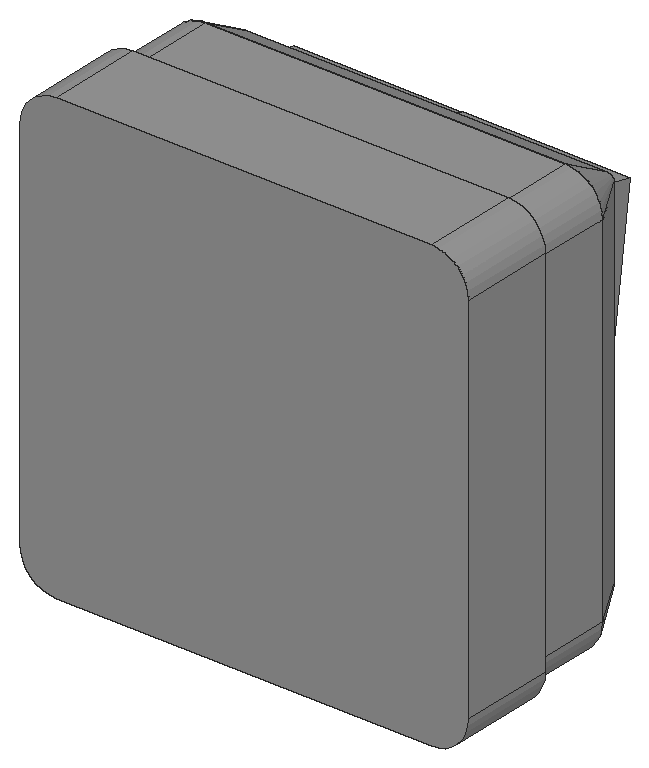
Revit family "IEK_Выключатель_ОткрытойУстановки_10А 2-клавишный IP20_ОКТАВА", category Выключатели, Revit 2019
Family settings
  Сохранять ориентацию аннотаций = Да
  Размер круглого соединителя = Использовать диаметр
  Тип детали = Переключатель
  На основе рабочей плоскости = Нет
  Всегда вертикально = Да
  При загрузке вырезать с полостями = Нет
  Общий = Нет
  Точка расчета площади = Нет
Parameters (values of type "ВС20-2-0-ОКм")
  Ширина = 61 mm  # constant formula
  Тип монтажа = "Поверхность монтажа (открытая установка)"  # constant formula
  Степень защиты = "IP20"  # constant formula
  Изготовитель = "IEK"  # constant formula
  Дата изменения = ""
  Глубина = 37 mm  # constant formula
  Высота = 61 mm  # constant formula
  ΔХ [instance] = 2000 mm
  ΔY [instance] = 2000 mm
  KSI_CPr_Строительные изделия = "20.4.01"  # constant formula
  KSI_CMa_Строительные материалы = "01.7.14.03"  # constant formula
  IEK_Цена за единицу = 99.56
  IEK_Поиск в таблице имен = ""
  IEK_Описание = "Универсальный дизайн серии открытой установки \"ОКТАВА\" позволяет устанавливать изделия в квартирах, загородных домах, офисных и производственных помещениях."
  IEK_URL = "https://www.iek.ru/products/catalog/izdeliya_elektroustanovochnye_udliniteli_i_silovye_razemy/elektroustanovochnye_izdeliya/elektroustanovochnye_izdeliya_otkrytogo_montazha_ip20/elektroustanovochnye_izdeliya_oktava/elektroustanovochnye_izdeliya_oktava_tsvet_kremovyy/vyklyuchatel_2_klavishnyy_dlya_otkrytoy_ustanovki_vs20_2_0_okm_10a_oktava_kremovyy_iek"
  ADSK_Ток [instance] = 10 A  # constant formula
  ADSK_Примечание = ""
  ADSK_Полная мощность [instance] = ADSK_Номинальная мощность / ADSK_Коэффициент мощности  # 2200 VA
  ADSK_Позиция [instance] = ""
  ADSK_Номинальная мощность [instance] = ADSK_Ток * ADSK_Напряжение * sqrt(ADSK_Количество фаз числовое) * ADSK_Коэффициент мощности  # 2200 W
  ADSK_Напряжение = 220 V
  ADSK_Наименование = "Выключатель 2-клавишный для открытой установки ВС20-2-0-ОКм 10А ОКТАВА кремовый IEK"
  ADSK_Материал обозначение = ""
  ADSK_Материал наименование = "Пластик"  # constant formula
  ADSK_Материал = Цвет кремовый
  ADSK_Масса = 0.061
  ADSK_Марка = "ОКТАВА"  # constant formula
  ADSK_Коэффициент мощности [instance] = 1  # constant formula
  ADSK_Количество фаз числовое = 1
  ADSK_Количество фаз = 1
  ADSK_Код изделия = "EVO20-K33-10-DC"
  ADSK_Классификация нагрузок [instance] = Прочее
  ADSK_Завод-изготовитель = "IEK"  # constant formula
  ADSK_Единица измерения = "шт"  # constant formula
  ADSK_Группирование = "III ЭЛЕКТРОУСТАНОВОЧНЫЕ И ЭЛЕКТРОМОНТАЖНЫЕ ИЗДЕЛИЯ"  # constant formula
  ADSK_Версия семейства = "1.0"  # constant formula
  ADSK_Версия Revit = "2019"  # constant formula
  ADSK_URL страницы изделия = "https://www.iek.ru/products/catalog/izdeliya_elektroustanovochnye_udliniteli_i_silovye_razemy/elektroustanovochnye_izdeliya/elektroustanovochnye_izdeliya_otkrytogo_montazha_ip20/elektroustanovochnye_izdeliya_oktava/?pagec=10"
Types (3, lengths in mm): name | IEK_Цена за единицу | IEK_URL | ADSK_Наименование | ADSK_Материал | ADSK_Масса | ADSK_Код изделия
  (no name) | 99.56 | "https://www.iek.ru/products/catalog/izdeliya_elektroustanovochnye_udliniteli_i_silovye_razemy/elektroustanovochnye_izdeliya/elektroustanovochnye_izdeliya_otkrytogo_montazha_ip20/elektroustanovochnye_izdeliya_oktava/elektroustanovochnye_izdeliya_oktava_tsvet_kremovyy/vyklyuchatel_2_klavishnyy_dlya_otkrytoy_ustanovki_vs20_2_0_okm_10a_oktava_kremovyy_iek" | "Выключатель 2-клавишный для открытой установки ВС20-2-0-ОКм 10А ОКТАВА кремовый IEK" | Цвет кремовый | 0.061 | "EVO20-K33-10-DC"
  ВС20-2-0-ОКм | 99.56 | "https://www.iek.ru/products/catalog/izdeliya_elektroustanovochnye_udliniteli_i_silovye_razemy/elektroustanovochnye_izdeliya/elektroustanovochnye_izdeliya_otkrytogo_montazha_ip20/elektroustanovochnye_izdeliya_oktava/elektroustanovochnye_izdeliya_oktava_tsvet_kremovyy/vyklyuchatel_2_klavishnyy_dlya_otkrytoy_ustanovki_vs20_2_0_okm_10a_oktava_kremovyy_iek" | "Выключатель 2-клавишный для открытой установки ВС20-2-0-ОКм 10А ОКТАВА кремовый IEK" | Цвет кремовый | 0.061 | "EVO20-K33-10-DC"
  ВС20-2-0-ОС | 175.7 | "https://www.iek.ru/products/catalog/izdeliya_elektroustanovochnye_udliniteli_i_silovye_razemy/elektroustanovochnye_izdeliya/elektroustanovochnye_izdeliya_otkrytogo_montazha_ip20/elektroustanovochnye_izdeliya_oktava/elektroustanovochnye_izdeliya_oktava_tsvet_sosna/vyklyuchatel_2_klavishnyy_dlya_otkrytoy_ustanovki_vs20_2_0_os_10a_oktava_sosna_iek" | "Выключатель 2-клавишный для открытой установки ВС20-2-0-ОС 10А ОКТАВА сосна IEK" | Цвет сосна | 0.054 | "EVO20-K03-10-DC"
Reference planes
  plane 1 "По центру (Вперед/Назад)": y = 0
  plane 2: z = 0
  plane 3 "По центру (Влево/Вправо)": x = 0
  plane 4 "Высота ножек": z = 280
  plane 5 "Высота": z = 2081.496
  plane 6: x = -2000
  plane 7: y = 2000
Forms (mm)
  Extrusion 1, solid, detail levels coarse
    sketch origin (0, 24, 0) x (1, 0, 0) y (0, 1, 0)
      loop
        line (-30.5, -24) -> (30.5, -24) -> (30.5, 13) -> (-30.5, 13) -> (-30.5, -24)
    from 0 to 61
  Extrusion 2, solid, detail levels medium
    sketch origin (0, 24, 0) x (1, 0, 0) y (0, 1, 0)
      loop
        line (-30.5, 13) -> (-30.5, -24) -> (30.5, -24) -> (30.5, 13) -> (-30.5, 13)
    from 0 to 61
  Extrusion 3, solid, material "Цвет кремовый" <- "ADSK_Материал", detail levels fine
    sketch origin (0, 0, 30.5) x (1, 0, 0) y (0, 0, -1)
      loop
        line (-30.5, 25.5) -> (-30.5, -25.5)
        arc (-30.5, -25.5) -> (-29.036, -29.036) -> (-25.5, -30.5) r 5
        line (-25.5, -30.5) -> (25.5, -30.5)
        arc (25.5, -30.5) -> (29.036, -29.036) -> (30.5, -25.5) r 5
        line (30.5, -25.5) -> (30.5, 25.5)
        arc (30.5, 25.5) -> (29.036, 29.036) -> (25.5, 30.5) r 5
        line (25.5, 30.5) -> (-25.5, 30.5)
        arc (-25.5, 30.5) -> (-29.036, 29.036) -> (-30.5, 25.5) r 5
    from 0 to 13
  Extrusion 4, solid, material "Цвет кремовый" <- "ADSK_Материал", detail levels fine
    sketch origin (0, 0, 30.5) x (1, 0, 0) y (0, 0, -1)
      loop
        line (-29.5, 24.462) -> (-29.5, -24.462)
        arc (-29.5, -24.462) -> (-28.024, -28.024) -> (-24.462, -29.5) r 5.038
        line (-24.462, -29.5) -> (24.505, -29.5)
        arc (24.505, -29.5) -> (28.037, -28.037) -> (29.5, -24.505) r 4.995
        line (29.5, -24.505) -> (29.5, 24.505)
        arc (29.5, 24.505) -> (28.037, 28.037) -> (24.505, 29.5) r 4.995
        line (24.505, 29.5) -> (-24.462, 29.5)
        arc (-24.462, 29.5) -> (-28.024, 28.024) -> (-29.5, 24.462) r 5.038
    from 13 to 24
  Blend 5, solid, material "Цвет кремовый" <- "ADSK_Материал", detail levels fine
    base sketch origin (0, 0, 30.5) x (1, 0, 0) y (0, 0, -1)
      loop
        line (-29.5, 24.462) -> (-29.5, -24.462)
        arc (-29.5, -24.462) -> (-28.024, -28.024) -> (-24.462, -29.5) r 5.038
        line (-24.462, -29.5) -> (24.505, -29.5)
        arc (24.505, -29.5) -> (28.037, -28.037) -> (29.5, -24.505) r 4.995
        line (29.5, -24.505) -> (29.5, 24.505)
        arc (29.5, 24.505) -> (28.037, 28.037) -> (24.505, 29.5) r 4.995
        line (24.505, 29.5) -> (-24.462, 29.5)
        arc (-24.462, 29.5) -> (-28.024, 28.024) -> (-29.5, 24.462) r 5.038
    top sketch origin (0, 0, 30.5) x (1, 0, 0) y (0, 0, -1)
      loop
        line (-25.459, 24.5) -> (-25.459, -24.5)
        arc (-25.459, -24.5) -> (-25.178, -25.178) -> (-24.5, -25.459) r 0.959
        line (-24.5, -25.459) -> (24.5, -25.459)
        arc (24.5, -25.459) -> (25.178, -25.178) -> (25.459, -24.5) r 0.959
        line (25.459, -24.5) -> (25.459, 24.5)
        arc (25.459, 24.5) -> (25.178, 25.178) -> (24.5, 25.459) r 0.959
        line (24.5, 25.459) -> (-24.5, 25.459)
        arc (-24.5, 25.459) -> (-25.178, 25.178) -> (-25.459, 24.5) r 0.959
    from 24 to 31
  Extrusion 6, void
    sketch origin (0, 0, 30.5) x (1, 0, 0) y (0, 0, -1)
      loop
        arc (-23.459, -21.459) -> (-22.873, -22.873) -> (-21.459, -23.459) r 2
        line (-21.459, -23.459) -> (21.459, -23.459)
        arc (21.459, -23.459) -> (22.873, -22.873) -> (23.459, -21.459) r 2
        line (23.459, -21.459) -> (23.459, 21.459)
        arc (23.459, 21.459) -> (22.873, 22.873) -> (21.459, 23.459) r 2
        line (21.459, 23.459) -> (-21.459, 23.459)
        arc (-21.459, 23.459) -> (-22.873, 22.873) -> (-23.459, 21.459) r 2
        line (-23.459, 21.459) -> (-23.459, -21.459)
    from 30.5 to 31
  Extrusion 7, solid, material "Цвет кремовый" <- "ADSK_Материал", detail levels fine
    sketch origin (0, 0, 30.5) x (0, 0, -1) y (0, 1, 0)
      loop
        line (-23, 30.5) -> (23, 30.5) -> (-21.529, 37) -> (-23, 30.5)
    from 0.1 to 22.8
  Extrusion 8, solid, material "Цвет кремовый" <- "ADSK_Материал", detail levels fine
    sketch origin (0, 0, 30.5) x (0, 0, -1) y (0, -1, 0)
      loop
        line (-23, -30.5) -> (-21.529, -37) -> (23, -30.5) -> (-23, -30.5)
    from 0.1 to 22.8
Cuts and joins
  Extrusion 6 cuts Blend 5
Lines and regions (mm)
  reference lines
    curve 1: line (0, 44.647, 0) -> (0, -55.353, 0)
    curve 2: line (-23.829, 0, 0) -> (76.171, 0, 0)
Dimensions and locks
  locked: plane 4 "Высота ножек" to plane 2 at 280
  plane 5 "Высота" to plane 4 "Высота ножек" = 1801.496 mm
  "ΔХ": plane 6 to curve 1
  "ΔY": plane 7 to curve 2
  aligned and locked: level to plane 2
  aligned and locked: curve 2 to nested 1
  aligned and locked: nested 1 to curve 1
  aligned and locked: Blend 5 to Extrusion 4
Automatic sketch dimensions
  Extrusion 1 sketch curve to plane 1 "По центру (Вперед/Назад)" = 37 mm
  Extrusion 1 sketch curve to plane 3 "По центру (Влево/Вправо)" = 30.5 mm
  plane 3 "По центру (Влево/Вправо)" to Extrusion 1 sketch curve = 30.5 mm
  plane 1 "По центру (Вперед/Назад)" to Extrusion 1 sketch curve = 0 mm
  Extrusion 2 sketch curve to plane 3 "По центру (Влево/Вправо)" = 30.5 mm
  plane 3 "По центру (Влево/Вправо)" to Extrusion 2 sketch curve = 30.5 mm
  plane 1 "По центру (Вперед/Назад)" to Extrusion 2 sketch curve = 0 mm
  Extrusion 2 sketch curve to plane 1 "По центру (Вперед/Назад)" = 37 mm
  level to Extrusion 3 sketch curve = 5 mm  (x2)
  Extrusion 3 sketch curve to plane 3 "По центру (Влево/Вправо)" = 30.5 mm
  Extrusion 3 sketch curve to Extrusion 3 sketch curve = 5 mm  (x2)
  Extrusion 3 sketch curve to Extrusion 3 sketch curve = 51 mm  (x2)
  level to Extrusion 3 sketch curve = 56 mm
  level to Extrusion 4 sketch curve = 54.962 mm
  Extrusion 4 sketch curve to plane 3 "По центру (Влево/Вправо)" = 29.5 mm
  Extrusion 4 sketch curve to Extrusion 4 sketch curve = 5.038 mm  (x2)
  level to Extrusion 4 sketch curve = 1 mm
  Extrusion 4 sketch curve to Extrusion 4 sketch curve = 48.967 mm  (x2)
  Extrusion 4 sketch curve to Extrusion 4 sketch curve = 4.995 mm
  Extrusion 4 sketch curve to Extrusion 4 sketch curve = 0 mm  (x2)
  level to Blend 5 sketch curve = 6.038 mm
  Blend 5 sketch curve to plane 3 "По центру (Влево/Вправо)" = 29.5 mm
  Blend 5 sketch curve to Blend 5 sketch curve = 5.038 mm  (x2)
  Blend 5 sketch curve to Blend 5 sketch curve = 48.967 mm  (x2)
  level to Blend 5 sketch curve = 5.995 mm
  level to Blend 5 sketch curve = 54.962 mm
  level to Blend 5 sketch curve = 6 mm  (x2)
  Blend 5 sketch curve to plane 3 "По центру (Влево/Вправо)" = 25.459 mm
  Blend 5 sketch curve to Blend 5 sketch curve = 0.959 mm  (x2)
  Blend 5 sketch curve to Blend 5 sketch curve = 49 mm  (x2)
  level to Blend 5 sketch curve = 55 mm
  level to Extrusion 6 sketch curve = 51.959 mm
  Extrusion 6 sketch curve to plane 3 "По центру (Влево/Вправо)" = 23.459 mm
  Extrusion 6 sketch curve to Extrusion 6 sketch curve = 2 mm  (x3)
  level to Extrusion 6 sketch curve = 7.041 mm
  Extrusion 6 sketch curve to Extrusion 6 sketch curve = 42.917 mm
  Extrusion 6 sketch curve to Extrusion 6 sketch curve = 0 mm
  level to Extrusion 7 sketch curve = 53.5 mm
  Extrusion 7 sketch curve to Extrusion 7 sketch curve = 1.471 mm
  level to Extrusion 7 sketch curve = 7.5 mm
  Extrusion 7 sketch curve to plane 1 "По центру (Вперед/Назад)" = 30.5 mm
  Extrusion 7 sketch curve to Extrusion 7 sketch curve = 6.5 mm
  level to Extrusion 8 sketch curve = 53.5 mm
  Extrusion 8 sketch curve to Extrusion 8 sketch curve = 1.471 mm
  level to Extrusion 8 sketch curve = 7.5 mm
  Extrusion 8 sketch curve to plane 1 "По центру (Вперед/Назад)" = 37 mm
  Extrusion 8 sketch curve to Extrusion 8 sketch curve = 6.5 mm
  curve 2 to plane 3 "По центру (Влево/Вправо)" = 23.829 mm
  plane 3 "По центру (Влево/Вправо)" to curve 2 = 76.171 mm
  plane 1 "По центру (Вперед/Назад)" to curve 1 = 55.353 mm
  curve 1 to plane 1 "По центру (Вперед/Назад)" = 44.647 mm
Nested families
  nested 1: "УГО Выключателя" at (0, 0, 0), type "2K-O", detail levels coarse+medium
    with IP44 no
Connectors
  electrical at (0, 0, 30.5), driven by "ADSK_Количество фаз", driven by "ADSK_Классификация нагрузок", driven by "ADSK_Напряжение", driven by "ADSK_Полная мощность", driven by "ADSK_Коэффициент мощности"
    settings: on Extrusion 1, index 1, voltage 220 V, apparent load 0 VA, apparent load phase1 2200 VA, apparent load phase2 0 VA, apparent load phase3 0 VA, power factor 1, load classification "Прочее", number of poles 1, system type 31, power factor state 1, is connector primary yes, connector utility no, sub classification motor no, connector description ""
Definition of nested family "УГО Выключателя"
  Parameters (values of type "3K-O")
    IP44 [instance] = no
    3K-C = no
    2K-C = no
    1K-C = no
    3K-O = yes
    2K-O = no
    1K-O = no
  Types (6, lengths in mm): name | 3K-C | 2K-C | 1K-C | 3K-O | 2K-O | 1K-O
    2K-O | no | no | no | no | yes | no
    3K-O | no | no | no | yes | no | no
    2K-C | no | yes | no | no | no | no
    1K-O | no | no | no | no | no | yes
    1K-C | no | no | yes | no | no | no
    3K-C | yes | no | no | no | no | no
  Reference planes
    plane 1: y = 0
    plane 2: x = 0
  Lines and regions (mm)
    Filled region 1, type "Цветовая область 1", visible <- "IP44", not visible
      outline origin (0, 0, 0) x (1, 0, 0) y (0, 1, 0)
        loop
          circle (0, 2.214) r 0.994
    Filled region 2, type "Цветовая область 1", visible <- "IP44", not visible
      outline origin (-1.562, 0, 0) x (1, 0, 0) y (0, 1, 0)
        loop
          circle (11.009, 9.276) r 0.994
    Filled region 3, type "Цветовая область 1", visible <- "IP44", not visible
      outline origin (-1.562, 0, 0) x (1, 0, 0) y (0, 1, 0)
        loop
          circle (23.521, 9.279) r 0.994
    Filled region 4, type "Цветовая область 1", visible <- "IP44", not visible
      outline origin (0, 0, 0) x (1, 0, 0) y (0, 1, 0)
        loop
          circle (28.604, 9.279) r 0.994
    Filled region 5, type "Цветовая область 1", visible <- "IP44", not visible
      outline origin (0, 0, 0) x (1, 0, 0) y (0, 1, 0)
        loop
          circle (32.789, 9.279) r 0.994
    Filled region 6, type "Цветовая область 1", visible <- "IP44"
      outline origin (0, 0, 0) x (1, 0, 0) y (0, 1, 0)
        loop
          circle (0.006, 0.994) r 0.994
    Filled region 7, type "Цветовая область 1", visible <- "IP44"
      outline origin (0, 0, 0) x (1, 0, 0) y (0, 1, 0)
        loop
          circle (0.006, 0.994) r 0.994
    Filled region 8, type "Цветовая область 1", visible <- "IP44"
      outline origin (-1.562, 0, 0) x (1, 0, 0) y (0, 1, 0)
        loop
          circle (1.569, 0.994) r 0.994
    Filled region 9, type "Цветовая область 1", visible <- "IP44"
      outline origin (0, 0, 0) x (1, 0, 0) y (0, 1, 0)
        loop
          circle (0.006, 0.994) r 0.994
    Filled region 10, type "Цветовая область 1", visible <- "IP44", not visible
      outline origin (0, 0, 0) x (1, 0, 0) y (0, 1, 0)
        loop
          circle (15.057, 15.33) r 0.994
    Filled region 11, type "Цветовая область 1", visible <- "IP44"
      outline origin (-1.562, 0, 0) x (1, 0, 0) y (0, 1, 0)
        loop
          circle (1.569, 0.994) r 0.994
    Filled region 12, type "Цветовая область 1", visible <- "IP44"
      outline origin (0, 0, 0) x (1, 0, 0) y (0, 1, 0)
        loop
          circle (0.006, 0.994) r 0.994
    detail lines, visible <- "3K-O", not visible
      curve 1: line (0.86, 2.711, 0) -> (3.031, 3.964, 0)
      curve 2: line (0.639, 2.975, 0) -> (2.25, 4.895, 0)
      curve 3: line (0.323, 3.154, 0) -> (1.139, 5.524, 0)
      curve 4: circle (0, 2.214, 0) r 0.994 normal (0, 0, 1)
      curve 5: line (3.031, 3.964, 0) -> (3.431, 3.272, 0)
      curve 6: line (2.25, 4.895, 0) -> (2.863, 4.381, 0)
      curve 7: line (1.139, 5.524, 0) -> (1.896, 5.263, 0)
    detail lines, visible <- "2K-O", not visible
      curve 8: line (10.196, 9.928, 0) -> (12.088, 11.572, 0)
      curve 9: line (9.928, 10.145, 0) -> (11.143, 12.337, 0)
      curve 10: circle (9.446, 9.276, 0) r 0.994 normal (0, 0, 1)
      curve 11: line (12.088, 11.572, 0) -> (12.613, 10.968, 0)
      curve 12: line (11.143, 12.337, 0) -> (11.843, 11.949, 0)
    detail lines, visible <- "1K-O", not visible
      curve 13: line (15.627, 16.144, 0) -> (17.201, 18.393, 0)
      curve 14: circle (15.057, 15.33, 0) r 0.994 normal (0, 0, 1)
      curve 15: line (17.201, 18.393, 0) -> (17.857, 17.934, 0)
    detail lines, visible <- "3K-C", not visible
      curve 16: line (22.819, 9.775, 0) -> (24.99, 11.029, 0)
      curve 17: line (22.597, 10.04, 0) -> (24.208, 11.96, 0)
      curve 18: line (22.282, 10.218, 0) -> (23.098, 12.588, 0)
      curve 19: circle (21.958, 9.279, 0) r 0.994 normal (0, 0, 1)
      curve 20: line (24.765, 11.418, 0) -> (25.215, 10.639, 0)
      curve 21: line (23.863, 12.249, 0) -> (24.553, 11.67, 0)
      curve 22: line (22.672, 12.734, 0) -> (23.523, 12.441, 0)
    detail lines, visible <- "2K-C", not visible
      curve 23: line (29.354, 9.93, 0) -> (31.246, 11.575, 0)
      curve 24: line (29.086, 10.148, 0) -> (30.301, 12.34, 0)
      curve 25: circle (28.604, 9.279, 0) r 0.994 normal (0, 0, 1)
      curve 26: line (30.951, 11.914, 0) -> (31.541, 11.235, 0)
      curve 27: line (29.908, 12.558, 0) -> (30.695, 12.122, 0)
    detail lines, visible <- "1K-C", not visible
      curve 28: line (33.359, 10.092, 0) -> (34.797, 12.146, 0)
      curve 29: circle (32.789, 9.279, 0) r 0.994 normal (0, 0, 1)
      curve 30: line (34.428, 12.404, 0) -> (35.165, 11.887, 0)
    detail lines
      curve 31: line (0.006, 0, 0) -> (0.006, 2.454, 0)
      curve 32: line (0.006, 0, 0) -> (2.217, 0, 0)
    detail lines, visible <- "1K-C"
      curve 33: line (0.576, 1.808, 0) -> (2.014, 3.861, 0)
      curve 34: circle (0.006, 0.994, 0) r 0.994 normal (0, 0, 1)
      curve 35: line (1.645, 4.119, 0) -> (2.383, 3.603, 0)
    detail lines, visible <- "2K-C"
      curve 36: line (0.756, 1.645, 0) -> (2.648, 3.29, 0)
      curve 37: line (0.488, 1.863, 0) -> (1.703, 4.055, 0)
      curve 38: circle (0.006, 0.994, 0) r 0.994 normal (0, 0, 1)
      curve 39: line (2.353, 3.629, 0) -> (2.943, 2.95, 0)
      curve 40: line (1.31, 4.273, 0) -> (2.097, 3.837, 0)
    detail lines, visible <- "3K-C"
      curve 41: line (0.867, 1.49, 0) -> (3.037, 2.744, 0)
      curve 42: line (0.645, 1.755, 0) -> (2.256, 3.675, 0)
      curve 43: line (0.33, 1.933, 0) -> (1.146, 4.303, 0)
      curve 44: circle (0.006, 0.994, 0) r 0.994 normal (0, 0, 1)
      curve 45: line (2.812, 3.133, 0) -> (3.262, 2.354, 0)
      curve 46: line (1.911, 3.964, 0) -> (2.601, 3.386, 0)
      curve 47: line (0.72, 4.449, 0) -> (1.571, 4.156, 0)
    detail lines, visible <- "1K-O"
      curve 48: line (0.576, 1.808, 0) -> (2.151, 4.056, 0)
      curve 49: circle (0.006, 0.994, 0) r 0.994 normal (0, 0, 1)
      curve 50: line (2.151, 4.056, 0) -> (2.806, 3.597, 0)
    detail lines, visible <- "2K-O"
      curve 51: line (0.756, 1.645, 0) -> (2.648, 3.29, 0)
      curve 52: line (0.488, 1.863, 0) -> (1.703, 4.055, 0)
      curve 53: circle (0.006, 0.994, 0) r 0.994 normal (0, 0, 1)
      curve 54: line (2.648, 3.29, 0) -> (3.173, 2.686, 0)
      curve 55: line (1.703, 4.055, 0) -> (2.403, 3.667, 0)
    detail lines, visible <- "3K-O"
      curve 56: line (0.867, 1.49, 0) -> (3.037, 2.744, 0)
      curve 57: line (0.645, 1.755, 0) -> (2.256, 3.675, 0)
      curve 58: line (0.33, 1.933, 0) -> (1.146, 4.303, 0)
      curve 59: circle (0.006, 0.994, 0) r 0.994 normal (0, 0, 1)
      curve 60: line (3.037, 2.744, 0) -> (3.437, 2.051, 0)
      curve 61: line (2.256, 3.675, 0) -> (2.869, 3.161, 0)
      curve 62: line (1.146, 4.303, 0) -> (1.902, 4.042, 0)
